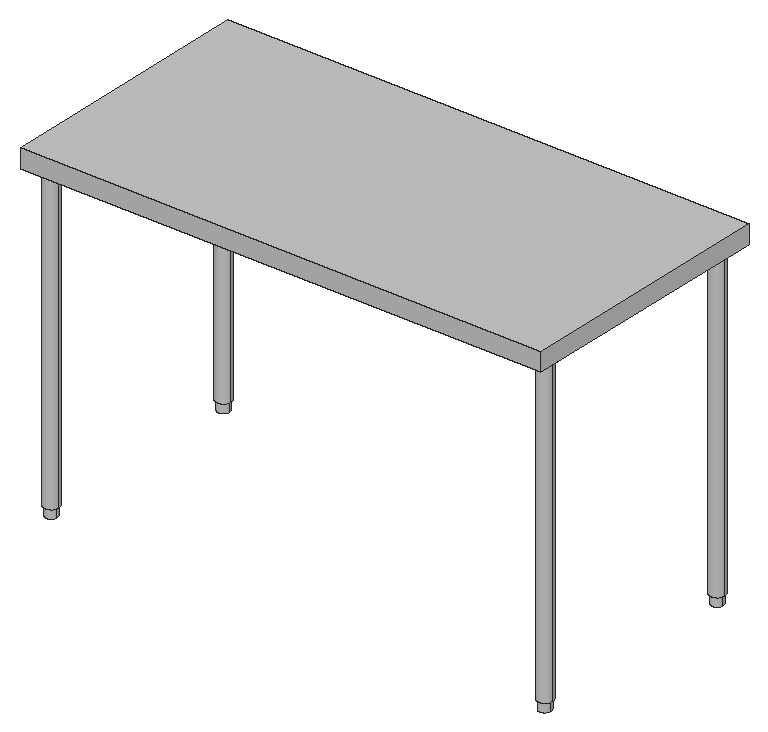
Revit family "QF_ZANUSSI_133050_TG1400EN", category Specialty Equipment, Revit 2021
Family settings
  Round Connector Dimension = Use Diameter
  Part Type = Normal
  Work Plane-Based = No
  Always vertical = Yes
  Cut with Voids When Loaded = No
  Shared = No
  Room Calculation Point = No
Parameters (values of type "Standard")
  Weight = 45.00 kg
  Watts = 0 W
  Volts = 0 V
  URL Manufacturer = "http://www.zanussiprofessional.com"
  URL = "http://www.zanussiprofessional.com"
  Steam Supply Size = 0 mm
  Steam Supply Minimum Pressure = 0.0 Pa
  Steam Supply Maximum Pressure = 0.0 Pa
  Steam Consumption per Hour = 0
  Refrigeration Suction Line Size = 0.0 mm
  Refrigeration Liquid Line Size = 0.0 mm
  Refrigerant Compressor Remote = yes
  Default Elevation = 0.0 mm
  Manufacturer = "Zanussi"
  Phase = 0
  Model = "TG1400EN"
  Length Actual = 1400.0 mm
  Item Number = "133050"
  Hot Water Size = 0 mm
  Height Actual = 900.0 mm
  HP = "0 HP"
  Gas Size = 0 mm
  Gas KW = 0
  Gas Input Pressure = 0 W
  Direct Waste Size = 0 mm
  Description = "WORK TABLE 1400 MM"
  Depth Actual = 700.0 mm
  Cycle = 0 Hz
  Condensate Return Size = 0 mm
  Compressed Air Volume = 0.0 L/s
  Compressed Air Size = 0 mm
  Compressed Air Pressure = 0.0 Pa
  Cold Water Size = 0 mm
  Accessory = no
Reference planes
  plane 1 "Center (Front/Back)": y = 0
  plane 2: z = 0
  plane 3 "Center (Left/Right)": x = -200
  plane 4 "LEFT": x = -900
  plane 5 "RIGHT": x = 500
  plane 6 "BACK": y = 350
  plane 7 "FRONT": y = -350
  plane 8 "Base": z = 850
  plane 9 "TOP": z = 900
  plane 10: x = -864.5
  plane 11: x = 464.5
  plane 12: y = 290
  plane 13: y = -290
Forms (mm)
  Extrusion 1, solid, material "QF_Finishes_Stainless Steel"
    sketch origin (-200, 0, 0) x (0, 1, 0) y (0, 0, 1)
      loop
        line (-350, 850) -> (350, 850) -> (350, 900) -> (-350, 900) -> (-350, 850)
    from 700 to -700
Lines and regions (mm)
  symbolic lines
    curve 1: line (500, 350, 900) -> (-900, 350, 900)
    curve 2: line (-900, 350, 900) -> (-900, -350, 900)
    curve 3: line (-900, -350, 900) -> (500, -350, 900)
    curve 4: line (500, -350, 900) -> (500, 350, 900)
Dimensions and locks
  plane 4 "LEFT" to plane 5 "RIGHT" = 1400.0 mm
  equal spacing: plane 4 "LEFT", plane 3 "Center (Left/Right)", plane 5 "RIGHT"
  locked: plane 8 "Base" to level at 850
  plane 4 "LEFT" to plane 10 = 35.5 mm
  plane 11 to plane 5 "RIGHT" = 35.5 mm
  plane 10 to plane 11 = 1329.0 mm
  locked: plane 9 "TOP" to level at 900
  plane 6 "BACK" to plane 12 = 60.0 mm
  plane 13 to plane 7 "FRONT" = 60.0 mm
  plane 6 "BACK" to plane 7 "FRONT" = 700.0 mm
  plane 12 to plane 13 = 580.0 mm
  equal spacing: plane 6 "BACK", plane 1 "Center (Front/Back)", plane 7 "FRONT"
  aligned and locked: level to plane 2
  aligned and locked: plane 10 to nested 1
  aligned and locked: nested 1 to plane 13
  aligned and locked: plane 11 to nested 2
  aligned and locked: nested 2 to plane 13
  aligned and locked: plane 11 to nested 4
  aligned and locked: nested 4 to plane 12
  aligned and locked: plane 10 to nested 3
  aligned and locked: nested 3 to plane 12
  aligned and locked: Extrusion 1 to plane 4 "LEFT"
  aligned and locked: plane 5 "RIGHT" to Extrusion 1
  aligned and locked: curve 2 to plane 4 "LEFT"
Automatic sketch dimensions
  Extrusion 1 sketch curve to plane 7 "FRONT" = 0.0 mm
  Extrusion 1 sketch curve to plane 8 "Base" = 0.0 mm
  curve 3 to plane 7 "FRONT" = 0.0 mm
  curve 4 to plane 6 "BACK" = 0.0 mm
  Extrusion 1 sketch curve to plane 9 "TOP" = 0.0 mm
  Extrusion 1 sketch curve to plane 6 "BACK" = 0.0 mm
  curve 4 to plane 5 "RIGHT" = 0.0 mm
Nested families
  nested 1: "FEET_D40" at (-864.5, -290, 0), type "FEET_D40"
  nested 2: "FEET_D40" at (464.5, -290, 0), type "FEET_D40"
  nested 3: "FEET_D40" at (-864.5, 290, 0), type "FEET_D40"
  nested 4: "FEET_D40" at (464.5, 290, 0), type "FEET_D40"
Definition of nested family "FEET_D40"
  Parameters
    Default Elevation = 0.0 mm
    FEET = 850.0 mm
  Reference planes
    plane 1 "Center (Front/Back)": y = 0
    plane 2: z = 0
    plane 3 "Center (Left/Right)": x = 0
    plane 4: z = 850
  Forms (mm)
    Extrusion 1, solid
      sketch origin (0, 0, 0) x (1, 0, 0) y (0, 1, 0)
        loop
          circle (0, 0.002) r 20
      from 25 to 845
    Extrusion 2, solid
      sketch origin (0, 0, 0) x (1, 0, 0) y (0, 1, 0)
        loop
          circle (0, 0) r 16
      from 0 to 25
    Extrusion 3, solid
      sketch origin (0, 0, 0) x (1, 0, 0) y (0, 1, 0)
        loop
          circle (0, 0.002) r 30
      from 845 to 850
  Lines and regions (mm)
    symbolic lines
      curve 1: line (0, -1.503, 0) -> (0, 1.508, 0)
      curve 2: line (1.561, 0, 0) -> (-1.439, 0, 0)
  Dimensions and locks
    "FEET": plane 4 to plane 2
    aligned and locked: level to plane 2
  Automatic sketch dimensions
    plane 1 "Center (Front/Back)" to Extrusion 2 sketch curve = 0.0 mm
    Extrusion 2 sketch curve to plane 3 "Center (Left/Right)" = 0.0 mm
    plane 1 "Center (Front/Back)" to curve 2 = 0.0 mm
    curve 1 to plane 3 "Center (Left/Right)" = 0.0 mm
    curve 2 to plane 3 "Center (Left/Right)" = 1.439 mm
    plane 3 "Center (Left/Right)" to curve 2 = 1.561 mm
    plane 1 "Center (Front/Back)" to curve 1 = 1.503 mm
    curve 1 to plane 1 "Center (Front/Back)" = 1.508 mm
    Extrusion 1 sketch curve to plane 3 "Center (Left/Right)" = 0.0 mm
    Extrusion 1 sketch curve to plane 1 "Center (Front/Back)" = 0.002 mm
    Extrusion 3 sketch curve to plane 3 "Center (Left/Right)" = 0.0 mm
    Extrusion 3 sketch curve to plane 1 "Center (Front/Back)" = 0.002 mm
    radius of Extrusion 2 sketch curve = 16.0 mm
    radius of Extrusion 1 sketch curve = 20.0 mm
    radius of Extrusion 3 sketch curve = 30.0 mm
